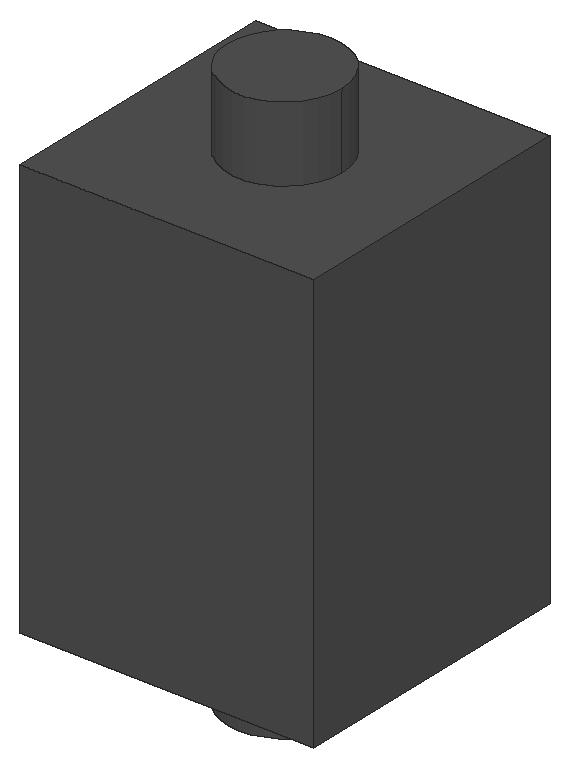
Revit family
Parameters (values of type "Retard Chamber")
  Width = 6.000"
  Weight = 22.00 kip
  Viking Part Number = "05904B"
  URL = "http://www.vikinggroupinc.com/databook/wetsystems/092188.pdf"
  Rev. Date = "05-10-10"
  Pressure Rating = 250.00 psi
  Offset = 1.535"
  Model = "C-1"
  Manufacturer = "The Viking Corporation"
  Height = 8.550"
  Description = "Retard Chamber"
  Depth = 6.000"
  Assembly Code = ""
Reference planes (in)
  plane 1 "Center (Front/Back)": y = 0
  plane 2 "Bottom": z = 0.06332
  plane 3 "Center (Left/Right)": x = 0
  plane 4 "Back": y = 3
  plane 5 "Front": y = -3
  plane 6 "Left": x = -3
  plane 7 "Right": x = 3
  plane 8 "Top": z = 10.14832
  plane 9 "Outlet Top": z = 11.68332
  plane 10: z = 1.59832
Forms (in)
  Extrusion 1, solid, material "Black Paint"
    sketch origin (0, 0, 0) x (1, 0, 0) y (0, 1, 0)
      loop
        line (-3, 3) -> (-3, -3) -> (3, -3) -> (3, 3) -> (-3, 3)
    from 1.59832 to 10.14832
  Extrusion 2, solid, material "Black Paint"
    sketch origin (0, 0, 0) x (1, 0, 0) y (0, 1, 0)
      loop
        circle (0, 0) r 1.17
    from 10.14832 to 11.68332
  Extrusion 3, solid, material "Black Paint"
    sketch origin (0, 0, 0) x (1, 0, 0) y (0, 1, 0)
      loop
        circle (0, 0) r 1.17
    from 0.06332 to 1.59832
Cuts and joins
  joined: Extrusion 1, Extrusion 2, Extrusion 3
Dimensions and locks (in)
  equal spacing: plane 6 "Left", plane 3 "Center (Left/Right)", plane 7 "Right"
  "Width": plane 6 "Left" to plane 7 "Right"
  equal spacing: plane 4 "Back", plane 1 "Center (Front/Back)", plane 5 "Front"
  "Depth": plane 4 "Back" to plane 5 "Front"
  "Height": plane 8 "Top" to plane 10
  "Offset": plane 9 "Outlet Top" to plane 8 "Top"
  "Offset": plane 10 to plane 2 "Bottom"
  aligned and locked: Extrusion 1 sketch curve to plane 4 "Back"
  aligned and locked: Extrusion 1 sketch curve to plane 6 "Left"
  aligned and locked: Extrusion 1 sketch curve to plane 5 "Front"
  aligned and locked: Extrusion 1 sketch curve to plane 7 "Right"
  aligned and locked: plane 8 "Top" to Extrusion 1
  aligned and locked: Extrusion 1 to plane 10
  aligned and locked: Extrusion 2 to plane 8 "Top"
  aligned and locked: plane 9 "Outlet Top" to Extrusion 2
  aligned and locked: Extrusion 3 to plane 2 "Bottom"
  aligned and locked: plane 10 to Extrusion 3
Automatic sketch dimensions
  Extrusion 2 sketch curve to plane 1 "Center (Front/Back)" = 0.000"
  Extrusion 2 sketch curve to plane 3 "Center (Left/Right)" = 0.000"
  Extrusion 3 sketch curve to plane 1 "Center (Front/Back)" = 0.000"
  Extrusion 3 sketch curve to plane 3 "Center (Left/Right)" = 0.000"
  radius of Extrusion 2 sketch curve = 1.170"
  radius of Extrusion 3 sketch curve = 1.170"
Connectors (in)
  piping at (0, 0, 11.68332)
    settings: on cut or joined group of Extrusion 1, Extrusion 2, Extrusion 3, index 1
  piping at (0, 0, 0.06332)
    settings: on cut or joined group of Extrusion 1, Extrusion 2, Extrusion 3, index 2
